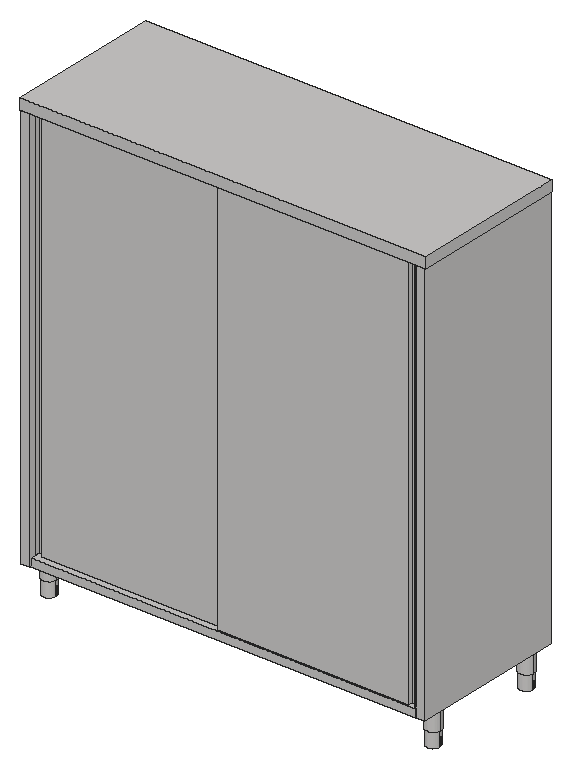
Revit family "QF_ELECTROLUXPROFESSIONAL_132892_SASH18N", category Attrezzature speciali, Revit 2020
Family settings
  Quota connettore circolare = Usa diametro
  Tipo di parte = Normale
  Basato su piano di lavoro = No
  Sempre verticale = Sì
  Taglio con vuoti quando caricato = No
  Condiviso = No
  Punto di calcolo locali = No
Parameters (values of type "Standard")
  Weight = 170.00 kg
  Watts = 0 W
  Volts = 0 V
  URL Manufacturer = "https://www.electroluxprofessional.com/"
  URL = "https://www.electroluxprofessional.com/"
  Steam Supply Size = 0 mm
  Steam Supply Minimum Pressure = 0.0 Pa
  Steam Supply Maximum Pressure = 0.0 Pa
  Steam Consumption per Hour = 0
  Refrigeration Suction Line Size = 0.0 mm
  Refrigeration Liquid Line Size = 0.0 mm
  Refrigerant Compressor Remote = yes
  Prospetto di default = 0.0 mm
  Phase = 0
  Modello = "SASH18N"
  Produttore = "Electrolux Professional"
  Length Actual = 1800.0 mm  # constant formula
  Item Number = "132892"
  Hot Water Size = 0 mm
  Height Actual = 2000.0 mm  # constant formula
  HP = "0 HP"
  Gas Size = 0 mm
  Gas KW = 0
  Gas Input Pressure = 0 W
  Direct Waste Size = 0 mm
  Descrizione = "STORAGE CAB(H=2000)+SLIDING DOORS 1800MM"
  Depth Actual = 700.0 mm  # constant formula
  Cycle = 0 Hz
  Condensate Return Size = 0 mm
  Compressed Air Volume = 0.0 L/s
  Compressed Air Size = 0 mm
  Compressed Air Pressure = 0.0 Pa
  Cold Water Size = 0 mm
  Accessory = yes
Reference planes
  plane 1 "Center (Front/Back)": y = 0
  plane 2: z = 0
  plane 3 "Center (Left/Right)": x = -300
  plane 4 "LEFT": x = -1200
  plane 5 "RIGHT": x = 600
  plane 6 "BACK": y = 350
  plane 7 "FRONT": y = -350
  plane 8 "TOP": z = 2000
  plane 9: x = -1152
  plane 10: x = 552
  plane 11: y = 270
  plane 12: y = -247
  plane 13 "FEET": z = 150
  plane 14: x = -1154.5
  plane 15: y = -344.5
  plane 16: x = 554.5
  plane 17: x = -326.5
  plane 18: x = -273.5
  plane 19 "BaseTop": z = 1950
  plane 20: x = -1194.5
  plane 21: x = 594.5
  plane 22: y = 344.5
Forms (mm)
  Extrusion 1, solid, material "QF_Finishes_Stainless Steel"
    sketch origin (0, 0, 150) x (-1, 0, 0) y (0, -1, 0)
      loop
        line (1194.5, -350) -> (1194.5, 350) -> (1154.5, 350) -> (1154.5, -350) -> (1194.5, -350)
      loop
        line (-554.5, -350) -> (-554.5, 344.5) -> (-594.5, 344.5) -> (-594.5, -350) -> (-554.5, -350)
    from 0 to 1800
  Extrusion 2, solid, material "QF_Finishes_Stainless Steel"
    sketch origin (0, 0, 150) x (-1, 0, 0) y (0, -1, 0)
      loop
        line (1154.5, -347) -> (1154.5, 344.5) -> (-554.5, 344.5) -> (-554.5, -347) -> (1154.5, -347)
    from 0 to 35
  Extrusion 3, solid, material "QF_Finishes_Stainless Steel"
    sketch origin (0, 0, 150) x (-1, 0, 0) y (0, -1, 0)
      loop
        line (-554.5, -350) -> (1154.5, -350) -> (1154.5, -327) -> (-554.5, -327) -> (-554.5, -350)
    from 1800 to 35
  Extrusion 4, solid, material "QF_Finishes_Stainless Steel"
    sketch origin (0, 0, 1950) x (-1, 0, 0) y (0, -1, 0)
      loop
        line (1200, 350) -> (-600, 350) -> (-600, -350) -> (1200, -350) -> (1200, 350)
    from 0 to 50
  Extrusion 5, solid, material "QF_Finishes_Stainless Steel"
    sketch origin (33, 0, 150) x (-1, 0, 0) y (0, -1, 0)
      loop
        line (306.5, 324.5) -> (306.5, 304.5) -> (1185, 304.5) -> (1185, 324.5) -> (1183, 324.5) -> (1183, 309.5) -> (1156.034, 309.5) -> (1156.034, 324.5) -> (306.5, 324.5)
    from 1800 to 40
  Extrusion 6, solid, material "QF_Finishes_Stainless Steel"
    sketch origin (-633, 0, 150) x (1, 0, 0) y (0, 1, 0)
      loop
        line (306.5, -344.5) -> (1156.034, -344.5) -> (1156.034, -329.5) -> (1183, -329.5) -> (1183, -344.5) -> (1185, -344.5) -> (1185, -324.5) -> (306.5, -324.5) -> (306.5, -344.5)
    from 1800 to 40
Lines and regions (mm)
  symbolic lines, style "SpecialityEquipment"
    curve 1: line (-1200, 350, 1950) -> (600, 350, 1950)
    curve 2: line (-1200, -350, 1950) -> (-1200, 350, 1950)
    curve 3: line (600, -350, 1950) -> (-1200, -350, 1950)
    curve 4: line (600, 350, 1950) -> (600, -350, 1950)
  symbolic lines, style "SpecialityEquipmentHiddenLines"
    curve 5: line (-1200, -350, 1950) -> (600, 350, 1950)
    curve 6: line (-326.5, -324.5, 200) -> (-326.5, -344.5, 200)
    curve 7: line (-1152, -304.5, 1950) -> (-273.5, -304.5, 1950)
    curve 8: line (-273.5, -304.5, 1950) -> (-273.5, -324.5, 1950)
    curve 9: line (-273.5, -324.5, 1950) -> (-1152, -324.5, 1950)
    curve 10: line (-1152, -324.5, 1950) -> (-1152, -304.5, 1950)
    curve 11: line (-326.5, -344.5, 1950) -> (552, -344.5, 1950)
    curve 12: line (552, -344.5, 1950) -> (552, -324.5, 1950)
    curve 13: line (552, -324.5, 1950) -> (-273.5, -324.5, 1950)
Dimensions and locks
  plane 4 "LEFT" to plane 5 "RIGHT" = 1800.0 mm
  equal spacing: plane 4 "LEFT", plane 3 "Center (Left/Right)", plane 5 "RIGHT"
  plane 6 "BACK" to plane 7 "FRONT" = 700.0 mm
  equal spacing: plane 6 "BACK", plane 1 "Center (Front/Back)", plane 7 "FRONT"
  locked: plane 13 "FEET" to level at 150
  locked: plane 4 "LEFT" to plane 9 at 48
  locked: plane 10 to plane 5 "RIGHT" at 48
  locked: plane 6 "BACK" to plane 11 at 80
  locked: plane 12 to plane 7 "FRONT" at 103
  locked: plane 8 "TOP" to level at 2000
  locked: plane 17 to plane 18 at 53
  equal spacing: plane 17, plane 3 "Center (Left/Right)", plane 18
  plane 4 "LEFT" to plane 20 = 5.5 mm
  locked: plane 20 to plane 14 at 40
  locked: plane 16 to plane 21 at 40
  locked: plane 21 to plane 5 "RIGHT" at 5.5
  plane 15 to plane 7 "FRONT" = 5.5 mm  (x2)
  plane 6 "BACK" to plane 22 = 5.5 mm
  locked: plane 8 "TOP" to plane 19 "BaseTop" at 50
  aligned and locked: level to plane 2
  aligned and locked: plane 9 to nested 1
  aligned and locked: plane 10 to nested 2
  aligned and locked: nested 4 to plane 11
  aligned and locked: plane 9 to nested 3
  aligned and locked: nested 3 to plane 11
  aligned and locked: plane 6 "BACK" to Extrusion 1 sketch curve
  aligned and locked: Extrusion 1 sketch curve to plane 6 "BACK"
  aligned and locked: Extrusion 1 sketch curve to plane 7 "FRONT"
  aligned and locked: plane 14 to Extrusion 1
  aligned and locked: Extrusion 2 to plane 14
  aligned and locked: Extrusion 2 to plane 15
  aligned and locked: nested 1 to plane 12
  aligned and locked: nested 2 to plane 12
  aligned and locked: Extrusion 2 sketch curve to plane 16
  aligned and locked: nested 4 to nested 2
  aligned and locked: plane 16 to Extrusion 3
  aligned and locked: Extrusion 3 to plane 14
  aligned and locked: plane 19 "BaseTop" to Extrusion 3
Automatic sketch dimensions
  Extrusion 1 sketch curve to plane 15 = 0.0 mm
  Extrusion 1 sketch curve to plane 21 = 0.0 mm
  Extrusion 1 sketch curve to plane 16 = 0.0 mm
  Extrusion 1 sketch curve to plane 14 = 0.0 mm
  Extrusion 1 sketch curve to plane 20 = 0.0 mm
  Extrusion 2 sketch curve to plane 14 = 0.0 mm
  Extrusion 2 sketch curve to plane 15 = 0.0 mm
  plane 22 to Extrusion 2 sketch curve = 2.5 mm
  curve 6 to plane 15 = 0.0 mm
  curve 6 to plane 17 = 0.0 mm
  plane 15 to curve 6 = 20.0 mm
  Extrusion 3 sketch curve to plane 6 "BACK" = 0.0 mm
  Extrusion 3 sketch curve to plane 16 = 0.0 mm
  Extrusion 3 sketch curve to plane 14 = 0.0 mm
  plane 22 to Extrusion 3 sketch curve = 17.5 mm
  Extrusion 4 sketch curve to plane 5 "RIGHT" = 0.0 mm
  Extrusion 4 sketch curve to plane 4 "LEFT" = 0.0 mm
  Extrusion 4 sketch curve to plane 6 "BACK" = 0.0 mm
  Extrusion 4 sketch curve to plane 7 "FRONT" = 0.0 mm
  Extrusion 5 sketch curve to plane 18 = 0.0 mm
  Extrusion 5 sketch curve to plane 9 = 0.0 mm
  plane 9 to Extrusion 5 sketch curve = 28.966 mm
  plane 9 to Extrusion 5 sketch curve = 2.0 mm
  plane 15 to Extrusion 5 sketch curve = 40.0 mm
  Extrusion 5 sketch curve to Extrusion 5 sketch curve = 5.0 mm
  Extrusion 5 sketch curve to Extrusion 5 sketch curve = 15.0 mm  (x2)
  Extrusion 6 sketch curve to plane 17 = 0.0 mm
  Extrusion 6 sketch curve to plane 15 = 0.0 mm  (x2)
  Extrusion 6 sketch curve to plane 10 = 0.0 mm
  plane 10 to Extrusion 6 sketch curve = 28.966 mm
  Extrusion 6 sketch curve to plane 15 = 15.0 mm
  Extrusion 6 sketch curve to Extrusion 6 sketch curve = 20.0 mm
  Extrusion 6 sketch curve to Extrusion 6 sketch curve = 2.0 mm
  curve 1 to plane 5 "RIGHT" = 0.0 mm
  curve 11 to plane 10 = 0.0 mm
  curve 8 to plane 18 = 0.0 mm
  curve 11 to plane 17 = 0.0 mm
  curve 9 to plane 9 = 0.0 mm
  curve 3 to plane 4 "LEFT" = 0.0 mm
  curve 1 to plane 6 "BACK" = 0.0 mm
  curve 12 to plane 15 = 0.0 mm
  curve 4 to plane 7 "FRONT" = 0.0 mm
  plane 15 to curve 8 = 40.0 mm
  curve 13 to curve 11 = 20.0 mm
Nested families
  nested 1: "FEET_D60-150" at (-1152, -247, 0), type "FEET_D60-150"
  nested 2: "FEET_D60-150" at (552, -247, 0), type "FEET_D60-150"
  nested 3: "FEET_D60-150" at (-1152, 270, 0), type "FEET_D60-150"
  nested 4: "FEET_D60-150" at (552, 270, 0), type "FEET_D60-150"
Definition of nested family "FEET_D60-150"
  Parameters
    Default Elevation = 0.0 mm
    FEET = 150.0 mm
  Reference planes
    plane 1 "Center (Front/Back)": y = 0
    plane 2: z = 0
    plane 3 "Center (Left/Right)": x = 0
    plane 4: z = 150
  Forms (mm)
    Extrusion 1, solid
      sketch origin (0, 0, 0) x (1, 0, 0) y (0, 1, 0)
        loop
          circle (0, 0) r 28
      from 0 to 67
    Revolve 2, solid
      sketch origin (0, 0, 0) x (1, 0, 0) y (0, 0, 1)
        loop
          line (0, 0) -> (0, 150) -> (-32.939, 150) -> (-32.939, 67) -> (-30, 67) -> (-30, 0) -> (0, 0)
        axis (0, 150) -> (0, 0)
      angle from 0 to 360
  Lines and regions (mm)
    symbolic lines
      curve 1: line (0, -1.503, 0) -> (0, 1.508, 0)
      curve 2: line (1.561, 0, 0) -> (-1.439, 0, 0)
  Dimensions and locks
    "FEET": plane 4 to plane 2
    aligned and locked: level to plane 2
  Automatic sketch dimensions
    plane 1 "Center (Front/Back)" to Extrusion 1 sketch curve = 0.0 mm
    Extrusion 1 sketch curve to plane 3 "Center (Left/Right)" = 0.0 mm
    plane 1 "Center (Front/Back)" to curve 2 = 0.0 mm
    curve 1 to plane 3 "Center (Left/Right)" = 0.0 mm
    curve 2 to plane 3 "Center (Left/Right)" = 1.439 mm
    plane 3 "Center (Left/Right)" to curve 2 = 1.561 mm
    plane 1 "Center (Front/Back)" to curve 1 = 1.503 mm
    curve 1 to plane 1 "Center (Front/Back)" = 1.508 mm
    Revolve 2 sketch curve to plane 4 = 0.0 mm
    Revolve 2 sketch curve to level = 0.0 mm
    Revolve 2 sketch curve to plane 3 "Center (Left/Right)" = 0.0 mm  (x2)
    Revolve 2 sketch curve to plane 3 "Center (Left/Right)" = 30.0 mm
    Revolve 2 sketch curve to plane 3 "Center (Left/Right)" = 32.939 mm
    level to Revolve 2 sketch curve = 67.0 mm
    Revolve 2 sketch curve to level = 42.207 mm
    Revolve 2 sketch curve to Revolve 2 sketch curve = 10.0 mm
    radius of Extrusion 1 sketch curve = 28.0 mm
